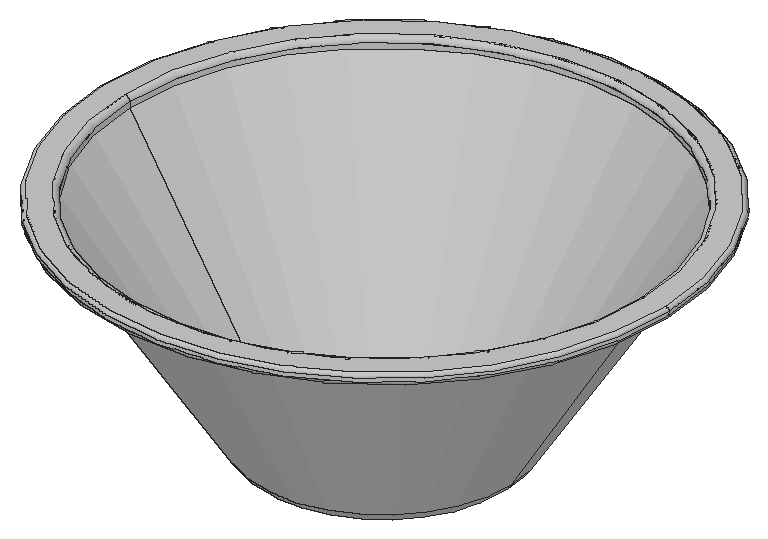
Revit family
Parameters (values of type "Ø 335 X Ø 300")
  Waste Connection Diameter = 40 mm
  Outer Radius Of Bowl = Outer Diameter Of Bowl / 2  # 167.5 mm
  Inner Radius Of Bowl = Inner Diameter Of Bowl / 2  # 150 mm
  Inner Diameter Of Bowl = 300 mm
  Waste Connection Radius = Waste Connection Diameter / 2  # 20 mm
  Waste Connection = 1 = 1  # yes
  WFU = 0
  Vent Connection = 1 = 0  # no
  URL = "http://www.autospec.co.za/browse.php?id=1937217983"
  Product Code = "SPB-MIN"
  OmniClass Title = ""
  OmniClass Number = ""
  Modspec Classification = ""
  Specification = ""
  Material = Stainless Steel Grade 430
  Location (revit room) = ""
  Outer Diameter Of Bowl = 335 mm
  HW Connection = 1 = 0  # no
  Description = ""
  Depth Of Bowl = 135 mm
  Colour = none
  CW Connection = 1 = 0  # no
  Body Finish = none
  Model = "Drop-In Preparation Mini Bowl SPB-MIN"
  Manufacturer = "Kwikot"  # constant formula
  Assembly Code = "D2010410"
Reference planes
  plane 1 "Center (Front/Back)": y = 0
  plane 2 "Bottom": z = 0
  plane 3 "Center (Left/Right)": x = 0
  plane 4 "Top": z = 135
  plane 5: x = 167.5
  plane 6: x = -167.5
  plane 7: x = 150
  plane 8: x = -150
Forms (mm)
  Extrusion 1, solid, material "Stainless Steel Grade 430" <- "Material"
    sketch origin (-330.571, -1524, 135) x (-1, 0, 0) y (0, -1, 0)
      loop
        circle (-330.571, -1524) r 167.5
      loop
        circle (-330.571, -1524) r 150
    from 0 to -6
  Sweep 2, solid, material "Stainless Steel Grade 430" <- "Material"
    path origin (-330.571, -1524, 135) x (-1, 0, 0) y (0, -1, 0)
      loop
        circle (-330.571, -1524) r 150
    profile origin (0, -150, 135) x (0, -1, 0) y (0, 0, 1)
      loop
        line (0, -6) -> (-77.417, -125.041)
        arc (-77.417, -125.041) -> (-83.742, -130.882) -> (-92.087, -133) r 17.5
        line (-92.087, -133) -> (-130, -133) -> (-130, -135) -> (-91.799, -135)
        arc (-91.799, -135) -> (-82.258, -132.578) -> (-75.029, -125.898) r 20
        line (-75.029, -125.898) -> (2.887, -6) -> (0, -6)
  Blend 3, solid, material "Stainless Steel Grade 430" <- "Material"
    base sketch origin (0, 0, 0) x (1, 0, 0) y (0, 1, 0)
      loop
        circle (0, 0) r 20
    top sketch origin (0, 0, 0) x (1, 0, 0) y (0, 1, 0)
      loop
        circle (0, 0) r 15
    from 0 to -10
  Sweep 4, void
    path origin (-330.571, -1524, 135) x (-1, 0, 0) y (0, -1, 0)
      loop
        circle (-330.571, -1524) r 167.5
    profile origin (0, 167.5, 135) x (0, -1, 0) y (0, 0, 1)
      loop
        line (0, -6) -> (2, -6)
        arc (2, -6) -> (0.586, -5.414) -> (0, -4) r 2
        line (0, -4) -> (0, -6)
  Sweep 5, void
    path origin (-330.571, -1524, 135) x (-1, 0, 0) y (0, -1, 0)
      loop
        circle (-330.571, -1524) r 167.5
    profile origin (0, 167.5, 135) x (0, -1, 0) y (0, 0, 1)
      loop
        line (0, 0) -> (0, -2)
        arc (0, -2) -> (0.586, -0.586) -> (2, 0) r 2
        line (2, 0) -> (0, 0)
  Sweep 6, void
    path origin (-330.571, -1524, 135) x (-1, 0, 0) y (0, -1, 0)
      loop
        circle (-330.571, -1524) r 150
    profile origin (0, 150, 135) x (0, 1, 0) y (0, 0, 1)
      loop
        line (0, 0) -> (0, -3)
        arc (0, -3) -> (0.879, -0.879) -> (3, 0) r 3
        line (3, 0) -> (0, 0)
Cuts and joins
  Sweep 4, Sweep 5, Sweep 6 cuts Extrusion 1
  Sweep 4, Sweep 5, Sweep 6 cuts Sweep 2
  Sweep 4, Sweep 5, Sweep 6 cuts Blend 3
  joined: Extrusion 1, Sweep 2, Blend 3
Lines and regions (mm)
  symbolic lines
    curve 1: arc (-150, 0, 135) -> (0, 150, 135) -> (150, 0, 135) r 150
    curve 2: arc (150, 0, 135) -> (0, -150, 135) -> (-150, 0, 135) r 150
    curve 3: arc (167.5, 0, 135) -> (0, 167.5, 135) -> (-167.5, 0, 135) r 167.5
    curve 4: arc (-167.5, 0, 135) -> (0, -167.5, 135) -> (167.5, 0, 135) r 167.5
    curve 5: arc (20, 0, 135) -> (0, -20, 135) -> (-20, 0, 135) r 20
    curve 6: arc (-20, 0, 135) -> (0, 20, 135) -> (20, 0, 135) r 20
Dimensions and locks
  "Depth Of Bowl": plane 4 "Top" to plane 2 "Bottom"
  "Waste Connection Radius": plane 1 "Center (Front/Back)" to Sweep 2 sketch curve
  "Outer Diameter Of Bowl": plane 6 to plane 5
  equal spacing: plane 6, plane 3 "Center (Left/Right)", plane 5
  "Inner Diameter Of Bowl": plane 8 to plane 7
  equal spacing: plane 8, plane 3 "Center (Left/Right)", plane 7
  "Outer Radius Of Bowl": radius of Extrusion 1 sketch curve
  "Inner Radius Of Bowl": radius of Extrusion 1 sketch curve
  radius of Blend 3 sketch curve = 15 mm
  aligned and locked: level to plane 2 "Bottom"
  aligned and locked: plane 1 "Center (Front/Back)" to Extrusion 1 sketch curve  (x2)
  aligned and locked: plane 3 "Center (Left/Right)" to Extrusion 1 sketch curve  (x2)
  aligned and locked: Sweep 2 sketch curve to Extrusion 1  (x2)
  aligned and locked: level to Sweep 2 sketch curve
  aligned and locked: Extrusion 1 to Sweep 2 sketch curve
  aligned and locked: Blend 3 sketch curve to cut or joined group of Extrusion 1, Sweep 2, Blend 3, Sweep 4, Sweep 5, Sweep 6  (x2)
  aligned and locked: plane 3 "Center (Left/Right)" to Blend 3 sketch curve
  aligned and locked: plane 1 "Center (Front/Back)" to Blend 3 sketch curve
  aligned and locked: Sweep 4 sketch curve to cut or joined group of Extrusion 1, Sweep 2, Blend 3, Sweep 4, Sweep 5, Sweep 6  (x3)
  aligned and locked: profile plane to Sweep 4 sketch curve
  aligned and locked: curve 1 to cut or joined group of Extrusion 1, Sweep 2, Blend 3, Sweep 4, Sweep 5, Sweep 6
  aligned and locked: curve 2 to cut or joined group of Extrusion 1, Sweep 2, Blend 3, Sweep 4, Sweep 5, Sweep 6
  aligned and locked: curve 3 to cut or joined group of Extrusion 1, Sweep 2, Blend 3, Sweep 4, Sweep 5, Sweep 6
  aligned and locked: curve 4 to cut or joined group of Extrusion 1, Sweep 2, Blend 3, Sweep 4, Sweep 5, Sweep 6
  aligned and locked: curve 5 to cut or joined group of Extrusion 1, Sweep 2, Blend 3, Sweep 4, Sweep 5, Sweep 6
  aligned and locked: curve 6 to cut or joined group of Extrusion 1, Sweep 2, Blend 3, Sweep 4, Sweep 5, Sweep 6
  aligned and locked: Sweep 5 sketch curve to cut or joined group of Extrusion 1, Sweep 2, Blend 3, Sweep 4, Sweep 5, Sweep 6  (x2)
  aligned and locked: profile plane to Sweep 5 sketch curve
  aligned and locked: cut or joined group of Extrusion 1, Sweep 2, Blend 3, Sweep 4, Sweep 5, Sweep 6 to Sweep 5 sketch curve
  aligned and locked: profile plane to Sweep 2 sketch curve
  aligned and locked: Sweep 6 sketch curve to cut or joined group of Extrusion 1, Sweep 2, Blend 3, Sweep 4, Sweep 5, Sweep 6  (x2)
  aligned and locked: profile plane to Sweep 6 sketch curve  (x2)
Automatic sketch dimensions
  Sweep 4 sketch curve to profile plane = 2 mm
  Sweep 4 sketch curve to Sweep 4 sketch curve = 2 mm
  Sweep 4 sketch curve to plane 4 "Top" = 4 mm
  Sweep 4 sketch curve to Sweep 4 sketch curve = 0 mm
  Sweep 4 sketch curve to profile plane = 0 mm
  Sweep 5 sketch curve to plane 4 "Top" = 2 mm
  Sweep 5 sketch curve to Sweep 5 sketch curve = 2 mm
  Sweep 5 sketch curve to Sweep 5 sketch curve = 0 mm
  Sweep 5 sketch curve to plane 4 "Top" = 0 mm
  Sweep 5 sketch curve to profile plane = 0 mm
  Sweep 6 sketch curve to Sweep 6 sketch curve = 3 mm  (x2)
  Sweep 6 sketch curve to Sweep 6 sketch curve = 0 mm
  Sweep 6 sketch curve to plane 4 "Top" = 0 mm
  Sweep 6 sketch curve to profile plane = 0 mm
  Sweep 2 sketch curve to Sweep 2 sketch curve = 37.913 mm
  Sweep 2 sketch curve to Sweep 2 sketch curve = 0.289 mm
  Sweep 2 sketch curve to Sweep 2 sketch curve = 2.388 mm
  Sweep 2 sketch curve to profile plane = 2.887 mm
  Sweep 2 sketch curve to Sweep 2 sketch curve = 2 mm
  Sweep 2 sketch curve to Sweep 2 sketch curve = 7.102 mm
  Sweep 2 sketch curve to Sweep 2 sketch curve = 0.857 mm
  Sweep 2 sketch curve to Sweep 2 sketch curve = 14.67 mm
Connectors
  piping at (0, 0, 0), driven by "Waste Connection Radius", driven by "WFU"
    settings: on cut or joined group of Extrusion 1, Sweep 2, Blend 3, Sweep 4, Sweep 5, Sweep 6, index 1, connector radius 20 mm, flow factor 0, pipe flow 0.0 L/s, pressure drop 0.0 Pa, fitting loss kfactor 0, connector angle 0.00°, fixture units 0, flow configuration 3, flow direction 2, fitting loss method 4, system type 16, connector reference index -1, connector utility 0, adjustable connector no, is connector primary yes, fitting loss table "", connector description "Waste Connection"
